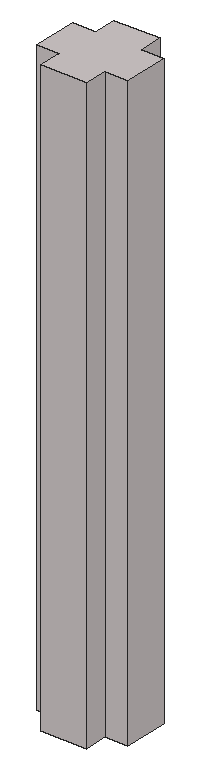
Revit family
Parameters (values of type "460 x 460 mm")
  Width = 460 mm
  Depth 1- = 230 mm
  Width 1- = 230 mm
  Depth = 460 mm
  Column Material = RCC
Reference planes
  plane 1 "Center (Front/Back)": y = 0
  plane 2: z = 0
  plane 3 "Center (Left/Right)": x = 0
  plane 4 "Left": x = -115
  plane 5 "Right": x = 115
  plane 6 "Back": y = 115
  plane 7 "Front": y = -115
  plane 8: x = 230
  plane 9: x = -230
  plane 10: y = 230
  plane 11: y = -230
Forms (mm)
  Extrusion 1, solid, material "RCC" <- "Column Material"
    sketch origin (0, 0, 0) x (1, 0, 0) y (0, 1, 0)
      loop
        line (-230, -115) -> (-115, -115) -> (-115, -230) -> (115, -230) -> (115, -115) -> (230, -115) -> (230, 115) -> (115, 115) -> (115, 230) -> (-115, 230) -> (-115, 115) -> (-230, 115) -> (-230, -115)
    from 0 to 3000
Lines and regions (mm)
  symbolic lines
    curve 1: line (-230, 115, 0) -> (-230, -115, 0)
    curve 2: line (-115, 115, 0) -> (-230, 115, 0)
    curve 3: line (-115, 230, 0) -> (-115, 115, 0)
    curve 4: line (115, 230, 0) -> (-115, 230, 0)
    curve 5: line (115, 115, 0) -> (115, 230, 0)
    curve 6: line (230, 115, 0) -> (115, 115, 0)
    curve 7: line (230, -115, 0) -> (230, 115, 0)
    curve 8: line (115, -115, 0) -> (230, -115, 0)
    curve 9: line (115, -230, 0) -> (115, -115, 0)
    curve 10: line (-115, -230, 0) -> (115, -230, 0)
    curve 11: line (-115, -115, 0) -> (-115, -230, 0)
    curve 12: line (-230, -115, 0) -> (-115, -115, 0)
Dimensions and locks
  "Width": plane 11 to plane 10
  "Depth": plane 9 to plane 8
  equal spacing: plane 7 "Front", plane 1 "Center (Front/Back)", plane 6 "Back", locked at 115 each
  "Width 1-": plane 7 "Front" to plane 6 "Back"
  equal spacing: plane 4 "Left", plane 3 "Center (Left/Right)", plane 5 "Right", locked at 115 each
  "Depth 1-": plane 4 "Left" to plane 5 "Right"
  equal spacing: plane 9, plane 3 "Center (Left/Right)", plane 8, locked at 230 each
  equal spacing: plane 11, plane 1 "Center (Front/Back)", plane 10, locked at 230 each
  aligned and locked: level to Extrusion 1
  aligned and locked: curve 1 to Extrusion 1
  aligned and locked: curve 3 to Extrusion 1
  aligned and locked: curve 4 to Extrusion 1
  aligned and locked: curve 5 to Extrusion 1
  aligned and locked: curve 6 to Extrusion 1
  aligned and locked: curve 7 to Extrusion 1
  aligned and locked: curve 8 to Extrusion 1
  aligned and locked: curve 9 to Extrusion 1
  aligned and locked: curve 10 to Extrusion 1
  aligned and locked: curve 11 to Extrusion 1
  aligned and locked: curve 12 to Extrusion 1
Automatic sketch dimensions
  Extrusion 1 sketch curve to plane 6 "Back" = 0 mm  (x2)
  Extrusion 1 sketch curve to plane 9 = 0 mm
  Extrusion 1 sketch curve to plane 4 "Left" = 0 mm  (x2)
  Extrusion 1 sketch curve to plane 5 "Right" = 0 mm  (x2)
  Extrusion 1 sketch curve to plane 7 "Front" = 0 mm  (x2)
  Extrusion 1 sketch curve to plane 8 = 0 mm
  Extrusion 1 sketch curve to plane 11 = 0 mm
  Extrusion 1 sketch curve to plane 10 = 0 mm
  curve 1 to plane 6 "Back" = 0 mm
